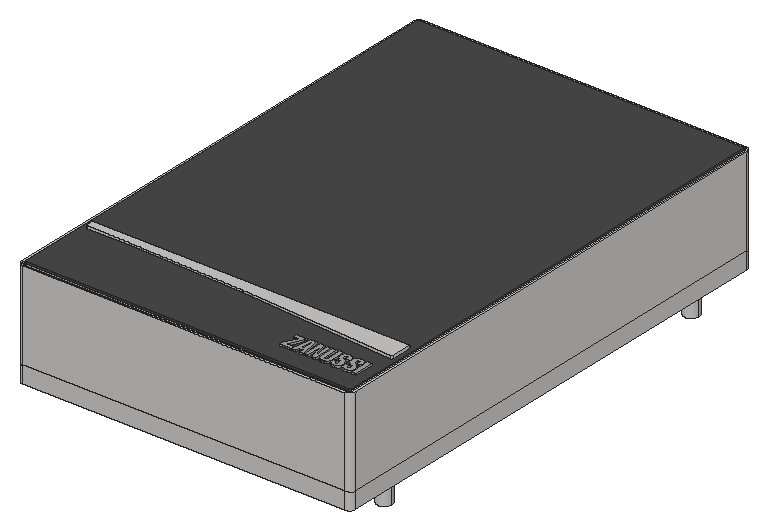
Revit family "QF_ZANUSSI_600895_Z1HDDEOMCT", category Specialty Equipment, Revit 2018
Family settings
  Round Connector Dimension = Use Diameter
  Part Type = Normal
  Work Plane-Based = No
  Always vertical = Yes
  Cut with Voids When Loaded = No
  Shared = No
  Room Calculation Point = No
Parameters (values of type "Standard")
  Watts = 0 W
  Volts = 380 V
  URL = "http://www.zanussiprofessional.com"
  Steam Supply Size = 0 mm
  Steam Supply Minimum Pressure = 0.0 Pa
  Steam Supply Maximum Pressure = 0.0 Pa
  Steam Pounds per Hour = 0
  Show Logo [instance] = yes
  Manufacturer = "Zanussi"
  Phase = 3
  Model = "Z1HDDEOMCT"
  Item Number = "600895"
  Hot Water Size = 0 mm
  HP = "6.7 HP"
  Gas Size = 0 mm
  Gas KW = 0
  Direct Waste Size = 0 mm
  Description = "PLUG-IN INDUCTION MONO ZONE COOK TOP - 3-PHASE"
  Cycle = 60 Hz
  Condensate Return Size = 0 mm
  Compressed Air Volume = 0.0 L/s
  Compressed Air Size = 0 mm
  Compressed Air Pressure = 0.0 Pa
  Cold Water Size = 0 mm
Types (2, lengths in mm): name | URL | Manufacturer | Phase | Model | Description
  (no name) | 0 | 0 | 0 | 0 | 0
  Standard | "http://www.zanussiprofessional.com" | "Zanussi" | 3 | "Z1HDDEOMCT" | "PLUG-IN INDUCTION MONO ZONE COOK TOP - 3-PHASE"
Values of the unnamed type that differ from the named types
  Volts = 0 V
  Item Number = ""
  Cycle = 0 Hz
Reference planes
  plane 1 "Centro (Fronte/Retro)": y = 74.737
  plane 2: z = 0
  plane 3: x = -514.269
  plane 4 "LEFT": x = -714.269
  plane 5 "RIGHT": x = -314.269
  plane 6 "BACK": y = 374.737
  plane 7 "FRONT": y = -225.263
  plane 8: x = -712.269
  plane 9: y = 372.737
  plane 10: x = -316.269
  plane 11: y = -223.263
  plane 12: y = -124.263
  plane 13: x = -698.269
  plane 14: x = -330.269
  plane 15: y = 304.737
  plane 16: y = -155.263
  plane 17: x = -539.269
  plane 18: y = -149.263
  plane 19: z = 764
Forms (mm)
  Extrusion 1, solid, material "QF_Finishes_Stainless Steel"
    sketch origin (0, 0, 789.016) x (1, 0, 0) y (0, 1, 0)
      loop
        arc (-707.269, 374.737) -> (-712.218, 372.687) -> (-714.269, 367.737) r 7
        line (-714.269, 367.737) -> (-714.269, -218.263)
        arc (-714.269, -218.263) -> (-712.218, -223.213) -> (-707.269, -225.263) r 7
        line (-707.269, -225.263) -> (-321.269, -225.263)
        arc (-321.269, -225.263) -> (-316.319, -223.213) -> (-314.269, -218.263) r 7
        line (-314.269, -218.263) -> (-314.269, 367.737)
        arc (-314.269, 367.737) -> (-316.319, 372.687) -> (-321.269, 374.737) r 7
        line (-321.269, 374.737) -> (-707.269, 374.737)
    from 0 to 20
  Extrusion 2, solid, material "QF_Finishes_Stainless Steel"
    sketch origin (0, 0, 789.016) x (1, 0, 0) y (0, 1, 0)
      loop
        line (-321.269, 374.737) -> (-707.269, 374.737)
        arc (-707.269, 374.737) -> (-712.218, 372.687) -> (-714.269, 367.737) r 7
        line (-714.269, 367.737) -> (-714.269, -218.263)
        arc (-714.269, -218.263) -> (-712.218, -223.213) -> (-707.269, -225.263) r 7
        line (-707.269, -225.263) -> (-321.269, -225.263)
        arc (-321.269, -225.263) -> (-316.319, -223.213) -> (-314.269, -218.263) r 7
        line (-314.269, -218.263) -> (-314.269, 367.737)
        arc (-314.269, 367.737) -> (-316.319, 372.687) -> (-321.269, 374.737) r 7
      loop
        arc (-707.269, 372.737) -> (-710.804, 371.273) -> (-712.269, 367.737) r 5
        line (-712.269, 367.737) -> (-712.269, -218.263)
        arc (-712.269, -218.263) -> (-710.804, -221.798) -> (-707.269, -223.263) r 5
        line (-707.269, -223.263) -> (-321.269, -223.263)
        arc (-321.269, -223.263) -> (-317.733, -221.798) -> (-316.269, -218.263) r 5
        line (-316.269, -218.263) -> (-316.269, 367.737)
        arc (-316.269, 367.737) -> (-317.733, 371.273) -> (-321.269, 372.737) r 5
        line (-321.269, 372.737) -> (-707.269, 372.737)
    from 20 to 126
  Extrusion 3, solid, material "QF_Finishes_Black"
    sketch origin (0, 0, 915.016) x (-1, 0, 0) y (0, -1, 0)
      loop
        arc (707.269, -369.737) -> (708.683, -369.151) -> (709.269, -367.737) r 2
        line (709.269, -367.737) -> (709.269, 218.263)
        arc (709.269, 218.263) -> (708.683, 219.677) -> (707.269, 220.263) r 2
        line (707.269, 220.263) -> (321.269, 220.263)
        arc (321.269, 220.263) -> (319.854, 219.677) -> (319.269, 218.263) r 2
        line (319.269, 218.263) -> (319.269, -367.737)
        arc (319.269, -367.737) -> (319.854, -369.151) -> (321.269, -369.737) r 2
        line (321.269, -369.737) -> (707.269, -369.737)
    from 0 to 2
  Extrusion 4, solid, material "QF_Finishes_Stainless Steel"
    sketch origin (0, 0, 141.016) x (-1, 0, 0) y (0, -1, 0)
      loop
        circle (698.269, -304.737) r 9
      loop
        circle (330.269, -304.737) r 9
      loop
        circle (698.269, 155.263) r 9
      loop
        circle (330.269, 155.263) r 9
    from 622.984 to 648
  Extrusion 5, solid, material "QF_Finishes_Stainless Steel"
    sketch origin (0, 0, 141.016) x (-1, 0, 0) y (0, -1, 0)
      loop
        circle (539.269, 149.263) r 10
    from 638.028 to 648
  Extrusion 6, solid, material "QF_Finishes_Stainless Steel"
    sketch origin (0, 0, 915.016) x (-1, 0, 0) y (0, -1, 0)
      loop
        arc (702.769, 124.263) -> (703.829, 124.702) -> (704.269, 125.763) r 1.5
        line (704.269, 125.763) -> (704.269, 132.763)
        arc (704.269, 132.763) -> (703.829, 133.824) -> (702.769, 134.263) r 1.5
        line (702.769, 134.263) -> (651.769, 134.263)
        arc (651.769, 134.263) -> (582.973, 135.513) -> (514.269, 139.263) r 1893.125
        arc (514.269, 139.263) -> (420.209, 148.26) -> (325.769, 151.263) r 1486.51
        arc (325.769, 151.263) -> (324.708, 150.824) -> (324.269, 149.763) r 1.5
        line (324.269, 149.763) -> (324.269, 125.763)
        arc (324.269, 125.763) -> (324.708, 124.702) -> (325.769, 124.263) r 1.5
        line (325.769, 124.263) -> (702.769, 124.263)
    from 2 to 5
Lines and regions (mm)
  Split face 1
    outline origin (0, 0, 917.016) x (-1, 0, 0) y (0, -1, 0)
      loop
        line (324.269, 124.263) -> (324.269, -364.737) -> (704.269, -364.737) -> (704.269, 124.263) -> (324.269, 124.263)
  Split face 2
    outline origin (0, 0, 917.016) x (-1, 0, 0) y (0, -1, 0)
      loop
        circle (514.269, -120.237) r 139
  symbolic lines
    curve 1: line (-321.269, 374.737, 126) -> (-707.269, 374.737, 126)
    curve 2: arc (-707.269, 374.737, 126) -> (-712.218, 372.687, 126) -> (-714.269, 367.737, 126) r 7
    curve 3: line (-714.269, 367.737, 126) -> (-714.269, -218.263, 126)
    curve 4: arc (-714.269, -218.263, 126) -> (-712.218, -223.213, 126) -> (-707.269, -225.263, 126) r 7
    curve 5: line (-707.269, -225.263, 126) -> (-321.269, -225.263, 126)
    curve 6: arc (-321.269, -225.263, 126) -> (-316.319, -223.213, 126) -> (-314.269, -218.263, 126) r 7
    curve 7: line (-314.269, -218.263, 126) -> (-314.269, 367.737, 126)
    curve 8: arc (-314.269, 367.737, 126) -> (-316.319, 372.687, 126) -> (-321.269, 374.737, 126) r 7
    curve 9: line (-707.269, 372.737, 126) -> (-321.269, 372.737, 126)
    curve 10: arc (-321.269, 372.737, 126) -> (-317.733, 371.273, 126) -> (-316.269, 367.737, 126) r 5
    curve 11: line (-316.269, 367.737, 126) -> (-316.269, -218.263, 126)
    curve 12: arc (-316.269, -218.263, 126) -> (-317.733, -221.798, 126) -> (-321.269, -223.263, 126) r 5
    curve 13: line (-321.269, -223.263, 126) -> (-707.269, -223.263, 126)
    curve 14: arc (-707.269, -223.263, 126) -> (-710.804, -221.798, 126) -> (-712.269, -218.263, 126) r 5
    curve 15: line (-712.269, -218.263, 126) -> (-712.269, 367.737, 126)
    curve 16: arc (-712.269, 367.737, 126) -> (-710.804, 371.273, 126) -> (-707.269, 372.737, 126) r 5
    curve 17: arc (-375.269, 120.237, 126) -> (-514.269, 259.237, 126) -> (-653.269, 120.237, 126) r 139
    curve 18: arc (-653.269, 120.237, 126) -> (-514.269, -18.763, 126) -> (-375.269, 120.237, 126) r 139
    curve 19: line (-324.269, -124.263, 126) -> (-704.269, -124.263, 126)
    curve 20: line (-704.269, 364.737, 126) -> (-704.269, -124.263, 126)
    curve 21: line (-324.269, -124.263, 126) -> (-324.269, 364.737, 126)
    curve 22: line (-324.269, 364.737, 126) -> (-704.269, 364.737, 126)
    curve 23: line (-319.269, -218.263, 126) -> (-319.269, 367.737, 126)
    curve 24: arc (-319.269, 367.737, 126) -> (-319.854, 369.151, 126) -> (-321.269, 369.737, 126) r 2
    curve 25: line (-321.269, 369.737, 126) -> (-707.269, 369.737, 126)
    curve 26: arc (-707.269, 369.737, 126) -> (-708.683, 369.151, 126) -> (-709.269, 367.737, 126) r 2
    curve 27: line (-709.269, 367.737, 126) -> (-709.269, -218.263, 126)
    curve 28: arc (-709.269, -218.263, 126) -> (-708.683, -219.677, 126) -> (-707.269, -220.263, 126) r 2
    curve 29: line (-707.269, -220.263, 126) -> (-321.269, -220.263, 126)
    curve 30: arc (-321.269, -220.263, 126) -> (-319.854, -219.677, 126) -> (-319.269, -218.263, 126) r 2
    curve 31: arc (-702.769, -124.263, 126) -> (-703.829, -124.702, 126) -> (-704.269, -125.763, 126) r 1.5
    curve 32: line (-704.269, -125.763, 126) -> (-704.269, -132.763, 126)
    curve 33: arc (-704.269, -132.763, 126) -> (-703.829, -133.824, 126) -> (-702.769, -134.263, 126) r 1.5
    curve 34: line (-702.769, -134.263, 126) -> (-651.769, -134.263, 126)
    curve 35: arc (-324.269, -125.763, 126) -> (-324.708, -124.702, 126) -> (-325.769, -124.263, 126) r 1.5
    curve 36: line (-324.269, -149.763, 126) -> (-324.269, -125.763, 126)
    curve 37: arc (-325.769, -151.263, 126) -> (-324.708, -150.824, 126) -> (-324.269, -149.763, 126) r 1.5
    curve 38: arc (-651.769, -134.263, 126) -> (-582.973, -135.513, 126) -> (-514.269, -139.263, 126) r 1893.125
    curve 39: arc (-514.269, -139.263, 126) -> (-420.209, -148.26, 126) -> (-325.769, -151.263, 126) r 1486.51
    curve 40: line (-415.208, -176.613, 126) -> (-422.226, -191.352, 126)
    curve 41: line (-422.226, -191.352, 126) -> (-422.226, -196.265, 126)
    curve 42: line (-422.226, -196.265, 126) -> (-409.452, -196.265, 126)
    curve 43: line (-409.452, -196.265, 126) -> (-409.452, -191.352, 126)
    curve 44: line (-409.452, -191.352, 126) -> (-416.821, -191.352, 126)
    curve 45: line (-416.821, -191.352, 126) -> (-409.452, -176.332, 126)
    curve 46: line (-409.452, -176.332, 126) -> (-409.452, -172.261, 126)
    curve 47: line (-409.452, -172.261, 126) -> (-421.665, -172.261, 126)
    curve 48: line (-421.665, -172.261, 126) -> (-421.665, -176.753, 126)
    curve 49: line (-421.665, -176.753, 126) -> (-415.208, -176.613, 126)
    curve 50: line (-404.82, -172.261, 126) -> (-409.172, -196.265, 126)
    curve 51: line (-409.172, -196.265, 126) -> (-404.118, -196.265, 126)
    curve 52: line (-404.118, -196.265, 126) -> (-403.416, -191.633, 126)
    curve 53: line (-403.416, -191.633, 126) -> (-399.346, -191.633, 126)
    curve 54: line (-399.346, -191.633, 126) -> (-398.644, -196.265, 126)
    curve 55: line (-398.644, -196.265, 126) -> (-393.59, -196.265, 126)
    curve 56: line (-393.59, -196.265, 126) -> (-398.082, -172.261, 126)
    curve 57: line (-398.082, -172.261, 126) -> (-404.82, -172.261, 126)
    curve 58: line (-401.451, -176.364, 126) -> (-400.047, -187.281, 126)
    curve 59: line (-400.047, -187.281, 126) -> (-402.855, -187.281, 126)
    curve 60: line (-402.855, -187.281, 126) -> (-401.451, -176.364, 126)
    curve 61: line (-393.309, -172.261, 126) -> (-393.309, -196.265, 126)
    curve 62: line (-393.309, -196.265, 126) -> (-388.958, -196.265, 126)
    curve 63: line (-388.958, -196.265, 126) -> (-388.958, -180.403, 126)
    curve 64: line (-388.958, -180.403, 126) -> (-384.887, -196.265, 126)
    curve 65: line (-384.887, -196.265, 126) -> (-379.553, -196.265, 126)
    curve 66: line (-379.553, -196.265, 126) -> (-379.553, -172.261, 126)
    curve 67: line (-379.553, -172.261, 126) -> (-384.045, -172.261, 126)
    curve 68: line (-384.045, -172.261, 126) -> (-384.045, -187.562, 126)
    curve 69: line (-384.045, -187.562, 126) -> (-388.116, -172.261, 126)
    curve 70: line (-388.116, -172.261, 126) -> (-393.309, -172.261, 126)
    curve 71: line (-378.43, -172.261, 126) -> (-378.43, -188.404, 126)
    curve 72: line (-378.43, -188.404, 126) -> (-378.149, -192.334, 126)
    curve 73: line (-378.149, -192.334, 126) -> (-377.728, -193.317, 126)
    curve 74: line (-377.728, -193.317, 126) -> (-376.745, -194.58, 126)
    curve 75: line (-376.745, -194.58, 126) -> (-375.763, -195.282, 126)
    curve 76: line (-375.763, -195.282, 126) -> (-373.797, -196.124, 126)
    curve 77: line (-373.797, -196.124, 126) -> (-372.815, -196.265, 126)
    curve 78: line (-372.815, -196.265, 126) -> (-370.569, -196.265, 126)
    curve 79: line (-370.569, -196.265, 126) -> (-369.446, -195.984, 126)
    curve 80: line (-369.446, -195.984, 126) -> (-367.761, -195.001, 126)
    curve 81: line (-367.761, -195.001, 126) -> (-365.796, -192.194, 126)
    curve 82: line (-365.796, -192.194, 126) -> (-365.656, -191.211, 126)
    curve 83: line (-365.656, -191.211, 126) -> (-365.656, -172.261, 126)
    curve 84: line (-365.656, -172.261, 126) -> (-370.569, -172.261, 126)
    curve 85: line (-370.569, -172.261, 126) -> (-370.569, -190.088, 126)
    curve 86: line (-370.569, -190.088, 126) -> (-371.13, -191.352, 126)
    curve 87: line (-371.13, -191.352, 126) -> (-372.675, -191.492, 126)
    curve 88: line (-372.675, -191.492, 126) -> (-373.517, -190.509, 126)
    curve 89: line (-373.517, -190.509, 126) -> (-373.517, -172.261, 126)
    curve 90: line (-373.517, -172.261, 126) -> (-378.43, -172.261, 126)
    curve 91: line (-353.163, -184.895, 126) -> (-358.778, -179.841, 126)
    curve 92: line (-358.778, -179.841, 126) -> (-359.479, -178.999, 126)
    curve 93: line (-359.479, -178.999, 126) -> (-359.76, -176.753, 126)
    curve 94: line (-359.76, -176.753, 126) -> (-358.076, -175.911, 126)
    curve 95: line (-358.076, -175.911, 126) -> (-356.672, -176.893, 126)
    curve 96: line (-356.672, -176.893, 126) -> (-356.532, -179.841, 126)
    curve 97: line (-356.532, -179.841, 126) -> (-351.899, -179.841, 126)
    curve 98: line (-351.899, -179.841, 126) -> (-352.18, -175.068, 126)
    curve 99: line (-352.18, -175.068, 126) -> (-355.128, -172.401, 126)
    curve 100: line (-355.128, -172.401, 126) -> (-363.269, -173.805, 126)
    curve 101: line (-363.269, -173.805, 126) -> (-364.252, -180.824, 126)
    curve 102: line (-364.252, -180.824, 126) -> (-362.006, -184.052, 126)
    curve 103: line (-362.006, -184.052, 126) -> (-359.62, -186.158, 126)
    curve 104: line (-359.62, -186.158, 126) -> (-356.672, -189.106, 126)
    curve 105: line (-356.672, -189.106, 126) -> (-357.233, -191.773, 126)
    curve 106: line (-357.233, -191.773, 126) -> (-359.058, -191.913, 126)
    curve 107: line (-359.058, -191.913, 126) -> (-360.041, -187.842, 126)
    curve 108: line (-360.041, -187.842, 126) -> (-364.954, -187.842, 126)
    curve 109: line (-364.954, -187.842, 126) -> (-363.55, -194.44, 126)
    curve 110: line (-363.55, -194.44, 126) -> (-357.374, -196.265, 126)
    curve 111: line (-357.374, -196.265, 126) -> (-351.759, -192.334, 126)
    curve 112: line (-351.759, -192.334, 126) -> (-353.163, -184.895, 126)
    curve 113: line (-339.266, -184.754, 126) -> (-345.161, -179.42, 126)
    curve 114: line (-345.161, -179.42, 126) -> (-345.863, -177.595, 126)
    curve 115: line (-345.863, -177.595, 126) -> (-345.302, -176.191, 126)
    curve 116: line (-345.302, -176.191, 126) -> (-344.038, -175.911, 126)
    curve 117: line (-344.038, -175.911, 126) -> (-342.635, -176.893, 126)
    curve 118: line (-342.635, -176.893, 126) -> (-342.494, -179.701, 126)
    curve 119: line (-342.494, -179.701, 126) -> (-337.722, -179.841, 126)
    curve 120: line (-337.722, -179.841, 126) -> (-338.283, -174.928, 126)
    curve 121: line (-338.283, -174.928, 126) -> (-345.723, -171.98, 126)
    curve 122: line (-345.723, -171.98, 126) -> (-350.215, -175.63, 126)
    curve 123: line (-350.215, -175.63, 126) -> (-348.951, -182.929, 126)
    curve 124: line (-348.951, -182.929, 126) -> (-343.758, -187.562, 126)
    curve 125: line (-343.758, -187.562, 126) -> (-342.635, -189.246, 126)
    curve 126: line (-342.635, -189.246, 126) -> (-343.056, -191.773, 126)
    curve 127: line (-343.056, -191.773, 126) -> (-344.46, -192.054, 126)
    curve 128: line (-344.46, -192.054, 126) -> (-346.003, -187.702, 126)
    curve 129: line (-346.003, -187.702, 126) -> (-350.917, -187.842, 126)
    curve 130: line (-350.917, -187.842, 126) -> (-349.092, -194.721, 126)
    curve 131: line (-349.092, -194.721, 126) -> (-341.091, -195.703, 126)
    curve 132: line (-341.091, -195.703, 126) -> (-338.002, -192.896, 126)
    curve 133: line (-338.002, -192.896, 126) -> (-339.266, -184.754, 126)
    curve 134: line (-331.966, -172.261, 126) -> (-336.879, -172.261, 126)
    curve 135: line (-336.879, -172.261, 126) -> (-336.879, -196.265, 126)
    curve 136: line (-336.879, -196.265, 126) -> (-331.966, -196.265, 126)
    curve 137: line (-331.966, -196.265, 126) -> (-331.966, -172.261, 126)
Dimensions and locks
  equal spacing: plane 4 "LEFT", plane 3, plane 5 "RIGHT"
  plane 4 "LEFT" to plane 5 "RIGHT" = 400 mm
  equal spacing: plane 6 "BACK", plane 1 "Centro (Fronte/Retro)", plane 7 "FRONT"
  plane 6 "BACK" to plane 7 "FRONT" = 600 mm
  locked: plane 4 "LEFT" to plane 13 at 16
  locked: plane 14 to plane 5 "RIGHT" at 16
  locked: plane 6 "BACK" to plane 15 at 70
  locked: plane 16 to plane 7 "FRONT" at 70
  locked: plane 17 to plane 5 "RIGHT" at 225
  locked: plane 18 to plane 7 "FRONT" at 76
  plane 19 to level = 764 mm
  aligned and locked: level to plane 2
Automatic sketch dimensions
  curve 2 to curve 16 = 0 mm  (x2)
  curve 2 to curve 26 = 0 mm  (x2)
  curve 4 to curve 14 = 0 mm  (x2)
  curve 4 to curve 28 = 0 mm  (x2)
  curve 6 to curve 12 = 0 mm  (x2)
  curve 6 to curve 30 = 0 mm  (x2)
  curve 8 to curve 10 = 0 mm  (x2)
  curve 8 to curve 24 = 0 mm  (x2)
  curve 10 to curve 24 = 0 mm  (x2)
  curve 12 to curve 30 = 0 mm  (x2)
  curve 14 to curve 28 = 0 mm  (x2)
  curve 16 to curve 26 = 0 mm  (x2)
  curve 17 to curve 18 = 0 mm  (x2)
  curve 7 to plane 5 "RIGHT" = 0 mm
  curve 11 to plane 10 = 0 mm
  curve 6 to plane 7 "FRONT" = 0 mm
  curve 8 to plane 6 "BACK" = 0 mm
  curve 19 to plane 12 = 0 mm
  curve 17 to plane 3 = 0 mm
  curve 39 to plane 3 = 0 mm
  curve 14 to plane 8 = 0 mm
  curve 10 to curve 23 = 3 mm
  curve 30 to curve 6 = 2 mm
  curve 23 to curve 25 = 2 mm
  curve 36 to plane 18 = 0.5 mm
  plane 14 to curve 36 = 6 mm
  curve 19 to curve 35 = 0 mm
  plane 14 to curve 39 = 4.5 mm
  curve 35 to curve 35 = 1.5 mm
  curve 134 to plane 14 = 1.698 mm
  curve 136 to curve 136 = 4.913 mm
  curve 120 to plane 14 = 7.453 mm
  curve 135 to curve 133 = 1.123 mm
  curve 134 to curve 120 = 1.404 mm
  curve 119 to curve 113 = 1.544 mm
  curve 132 to curve 131 = 3.088 mm
  curve 119 to curve 118 = 4.773 mm
  curve 118 to curve 118 = 0.141 mm
  curve 113 to curve 125 = 3.369 mm
  curve 125 to curve 126 = 0.421 mm
  curve 125 to curve 124 = 1.123 mm
  curve 117 to curve 117 = 1.404 mm
  curve 126 to curve 127 = 1.404 mm
  curve 118 to curve 114 = 2.667 mm
  curve 116 to curve 116 = 1.263 mm
  curve 115 to curve 121 = 0.421 mm
  curve 115 to curve 114 = 0.562 mm
  curve 124 to curve 129 = 2.246 mm
  curve 113 to curve 123 = 3.79 mm
  curve 127 to curve 131 = 4.632 mm
  curve 114 to curve 123 = 4.352 mm
  curve 128 to curve 130 = 4.913 mm
  curve 130 to curve 112 = 2.667 mm
  curve 123 to curve 98 = 2.948 mm
  curve 122 to curve 98 = 1.965 mm
  curve 129 to curve 91 = 2.246 mm
  curve 98 to curve 100 = 2.948 mm
  curve 97 to curve 97 = 4.632 mm
  curve 96 to curve 96 = 0.14 mm
  curve 91 to curve 104 = 3.509 mm
  curve 104 to curve 106 = 0.562 mm
  curve 105 to curve 111 = 0.14 mm
  curve 95 to curve 94 = 1.404 mm
  curve 96 to curve 92 = 2.246 mm
  curve 105 to curve 107 = 1.825 mm
  curve 91 to curve 93 = 0.702 mm
  curve 104 to curve 104 = 2.948 mm
  curve 94 to curve 94 = 1.684 mm
  curve 103 to curve 107 = 0.421 mm
  curve 103 to curve 103 = 2.386 mm
  curve 93 to curve 101 = 3.509 mm
  curve 106 to curve 110 = 4.492 mm
  curve 102 to curve 101 = 2.246 mm
  curve 102 to curve 108 = 2.948 mm
  curve 108 to curve 83 = 0.702 mm
  curve 82 to curve 81 = 0.14 mm
  curve 81 to curve 81 = 1.965 mm
  curve 80 to curve 80 = 1.685 mm
  curve 83 to curve 84 = 4.913 mm
  curve 79 to curve 79 = 1.123 mm
  curve 85 to curve 87 = 0.561 mm
  curve 86 to curve 88 = 1.544 mm
  curve 78 to curve 77 = 2.246 mm
  curve 84 to curve 89 = 2.948 mm
  curve 77 to curve 77 = 0.982 mm
  curve 76 to curve 75 = 1.965 mm
  curve 75 to curve 75 = 0.983 mm
  curve 74 to curve 73 = 0.983 mm
  curve 73 to curve 73 = 0.421 mm
  curve 72 to curve 71 = 0.281 mm
  curve 74 to curve 66 = 2.808 mm
  curve 71 to curve 68 = 5.615 mm
  plane 11 to curve 64 = 26.998 mm
  curve 65 to curve 64 = 5.334 mm
  curve 67 to curve 70 = 4.071 mm
  curve 64 to curve 62 = 4.071 mm
  curve 69 to curve 70 = 5.194 mm
  curve 61 to curve 55 = 0.281 mm
  curve 61 to curve 57 = 4.773 mm
  curve 55 to curve 55 = 5.053 mm
  curve 54 to curve 53 = 0.702 mm
  curve 58 to plane 16 = 32.018 mm
  curve 53 to curve 58 = 0.702 mm
  curve 60 to plane 16 = 21.101 mm
  curve 56 to curve 60 = 3.369 mm
  curve 58 to curve 59 = 2.807 mm
  curve 53 to curve 53 = 4.071 mm
  plane 11 to curve 52 = 26.998 mm
  curve 52 to curve 52 = 0.702 mm
  curve 58 to curve 57 = 3.369 mm
  curve 51 to curve 50 = 5.054 mm
  curve 50 to curve 42 = 0.281 mm
  curve 50 to curve 46 = 4.632 mm
  curve 40 to plane 16 = 21.35 mm
  curve 45 to curve 40 = 5.755 mm
  curve 43 to curve 44 = 7.368 mm
  curve 40 to curve 48 = 6.457 mm
  curve 44 to curve 42 = 5.406 mm
  curve 34 to plane 12 = 10 mm
  plane 13 to curve 34 = 46.5 mm
  curve 33 to plane 13 = 4.5 mm
  curve 31 to plane 12 = 1.5 mm
  curve 31 to plane 13 = 4.5 mm
  curve 31 to curve 20 = 1.5 mm
  curve 14 to curve 27 = 2 mm
  plane 8 to curve 9 = 5 mm
  plane 6 "BACK" to curve 39 = 960.51 mm
  curve 8 to curve 22 = 3 mm
  curve 18 to plane 1 "Centro (Fronte/Retro)" = 45.5 mm
  curve 121 to plane 16 = 16.717 mm
  curve 50 to curve 58 = 4.103 mm
  curve 48 to curve 40 = 4.352 mm
  curve 90 to plane 16 = 16.998 mm
  curve 89 to curve 84 = 0 mm
  curve 121 to curve 137 = 0.281 mm
  curve 56 to curve 70 = 0 mm
  curve 69 to curve 68 = 0 mm
  curve 121 to curve 99 = 0.421 mm
  curve 83 to curve 100 = 1.544 mm
  curve 134 to curve 120 = 2.667 mm
  curve 99 to curve 99 = 2.667 mm
  curve 98 to curve 123 = 0.561 mm
  curve 121 to curve 117 = 3.93 mm
  curve 99 to curve 94 = 3.509 mm
  curve 116 to curve 115 = 0.281 mm
  curve 46 to curve 45 = 4.071 mm
  curve 47 to curve 48 = 4.492 mm
  curve 94 to curve 93 = 0.842 mm
  curve 116 to curve 118 = 0.983 mm
  curve 94 to curve 96 = 0.983 mm
  curve 115 to curve 115 = 1.404 mm
  curve 93 to curve 92 = 2.246 mm
  curve 114 to curve 114 = 1.825 mm
  curve 113 to curve 118 = 0.281 mm
  curve 95 to curve 96 = 2.948 mm
  curve 118 to curve 119 = 0.14 mm
  curve 92 to curve 91 = 0.842 mm
  curve 69 to curve 63 = 8.142 mm
  curve 92 to curve 102 = 1.825 mm
  curve 97 to curve 124 = 3.088 mm
  curve 101 to curve 103 = 3.228 mm
  curve 119 to curve 113 = 4.913 mm
  curve 123 to curve 91 = 1.965 mm
  curve 102 to curve 103 = 2.106 mm
  curve 113 to curve 124 = 2.807 mm
  curve 63 to curve 68 = 7.159 mm
  curve 124 to curve 128 = 0.14 mm
  curve 102 to curve 109 = 3.79 mm
  curve 91 to curve 130 = 2.948 mm
  curve 68 to curve 72 = 0.842 mm
  curve 107 to curve 104 = 1.264 mm
  curve 124 to curve 125 = 1.685 mm
  curve 108 to curve 85 = 2.246 mm
  curve 85 to curve 89 = 0.421 mm
  curve 108 to curve 83 = 3.369 mm
  curve 44 to curve 50 = 4.913 mm
  curve 85 to curve 87 = 1.263 mm
  curve 40 to curve 44 = 0 mm
  curve 88 to curve 88 = 0.983 mm
  curve 58 to curve 53 = 4.352 mm
  curve 125 to curve 127 = 2.527 mm
  curve 104 to curve 106 = 2.667 mm
  curve 105 to curve 107 = 0.14 mm
  curve 126 to curve 127 = 0.281 mm
  curve 82 to curve 82 = 0.982 mm
  curve 71 to curve 72 = 3.93 mm
  curve 129 to curve 111 = 4.492 mm
  curve 126 to curve 132 = 1.123 mm
  curve 72 to curve 73 = 0.983 mm
  curve 81 to curve 110 = 2.246 mm
  curve 73 to curve 74 = 1.263 mm
  curve 111 to curve 130 = 2.386 mm
  curve 81 to curve 81 = 2.808 mm
  curve 74 to curve 76 = 0.702 mm
  curve 132 to curve 132 = 2.807 mm
  curve 80 to curve 80 = 0.983 mm
  curve 75 to curve 77 = 0.842 mm
  curve 53 to curve 54 = 4.632 mm
  curve 63 to curve 64 = 0 mm
  curve 105 to curve 110 = 4.492 mm
  curve 76 to curve 77 = 0.14 mm
  curve 132 to curve 135 = 3.369 mm
  curve 43 to curve 50 = 0 mm
  curve 38 to plane 7 "FRONT" = 1802.125 mm
  curve 18 to plane 14 = 45 mm
  Extrusion 1 sketch curve to plane 4 "LEFT" = 0 mm
  Extrusion 1 sketch curve to plane 7 "FRONT" = 0 mm
  Extrusion 1 sketch curve to plane 6 "BACK" = 0 mm
  Extrusion 1 sketch curve to plane 5 "RIGHT" = 0 mm
  plane 8 to Extrusion 1 sketch curve = 5 mm  (x2)
  Extrusion 1 sketch curve to plane 10 = 5 mm  (x2)
  Extrusion 2 sketch curve to Extrusion 2 sketch curve = 0 mm  (x8)
  Extrusion 2 sketch curve to plane 4 "LEFT" = 0 mm
  Extrusion 2 sketch curve to plane 8 = 0 mm
  Extrusion 2 sketch curve to plane 6 "BACK" = 0 mm
  Extrusion 2 sketch curve to plane 7 "FRONT" = 0 mm
  Extrusion 2 sketch curve to plane 10 = 0 mm
  Extrusion 2 sketch curve to Extrusion 2 sketch curve = 5 mm  (x2)
  Extrusion 2 sketch curve to plane 10 = 5 mm  (x2)
  Extrusion 3 sketch curve to plane 10 = 3 mm
  Extrusion 3 sketch curve to Extrusion 3 sketch curve = 2 mm  (x3)
  plane 8 to Extrusion 3 sketch curve = 5 mm  (x2)
  Extrusion 3 sketch curve to plane 9 = 3 mm
  plane 11 to Extrusion 3 sketch curve = 5 mm
  Split face 1 sketch curve to Extrusion 3 = 5 mm  (x3)
  Split face 1 sketch curve to Extrusion 3 = 96 mm
  Split face 2 sketch curve to Extrusion 3 = 195 mm
  Split face 2 sketch curve to Extrusion 3 = 249.5 mm
  Extrusion 4 sketch curve to plane 14 = 0 mm  (x2)
  Extrusion 4 sketch curve to plane 13 = 0 mm  (x2)
  Extrusion 4 sketch curve to plane 15 = 0 mm  (x2)
  Extrusion 4 sketch curve to plane 16 = 0 mm  (x2)
  Extrusion 5 sketch curve to plane 17 = 0 mm
  Extrusion 5 sketch curve to plane 18 = 0 mm
  Extrusion 6 sketch curve to plane 12 = 0 mm
  Extrusion 6 sketch curve to plane 3 = 0 mm
  plane 14 to Extrusion 6 sketch curve = 4.5 mm  (x2)
  Extrusion 6 sketch curve to plane 18 = 0.5 mm
  Extrusion 6 sketch curve to Extrusion 6 sketch curve = 1.5 mm  (x2)
  plane 13 to Extrusion 6 sketch curve = 46.5 mm
  Extrusion 6 sketch curve to plane 12 = 1.5 mm
  Extrusion 6 sketch curve to plane 13 = 4.5 mm
  plane 6 "BACK" to Extrusion 6 sketch curve = 960.51 mm
  Extrusion 6 sketch curve to Extrusion 6 sketch curve = 7 mm
  Extrusion 6 sketch curve to plane 7 "FRONT" = 1802.125 mm
  radius of Split face 2 sketch curve = 139 mm
  radius of Extrusion 4 sketch curve = 9 mm  (x4)
  radius of Extrusion 5 sketch curve = 10 mm
Nested families
  nested 1: "ZAN_Logo_S_Grey" at (-377.096, -184.263, 917.016), visible <- "Show Logo", type "ZAN_Logo_S_Grey"
Connectors
  electrical at (-539.269, -149.263, 779.044)
    settings: on Extrusion 5, index 2, voltage 0 V, apparent load 0 VA, apparent load phase1 0 VA, apparent load phase2 0 VA, apparent load phase3 0 VA, power factor 1, load classification "Altro", number of poles 1, system type 30, power factor state 1, is connector primary yes, connector utility no, sub classification motor no, connector description ""
Definition of nested family "ZAN_Logo_S_Grey"
  Parameters (values of type "ZAN_Logo_S_Grey")
    Default Elevation = 0 mm
  Reference planes
    plane 1 "Centro (Fronte/Retro)": y = 0
    plane 2: z = 0
    plane 3 "Centro (Sinistra/Destra)": x = 0
  Forms (mm)
    Extrusion 1, solid
      sketch origin (0, 0, 0) x (1, 0, 0) y (0, 1, 0)
        loop
          line (-1219.2, 1219.2) -> (-1219.2, -1219.2) -> (1219.2, -1219.2) -> (1219.2, 1219.2) -> (-1219.2, 1219.2)
      from 0 to -304.8
    Extrusion 2, solid
      sketch origin (17.793, -46.218, 0) x (-1, 0, 0) y (0, -1, 0)
        loop
          spline (-4.176, -58.079) -> (-3.496, -58.328) -> (-2.793, -58.512) -> (-2.075, -58.63) -> (-1.348, -58.682) -> (-0.619, -58.669) -> (0.106, -58.588) -> (0.818, -58.44) -> (1.512, -58.225) -> (2.18, -57.941) -> (2.817, -57.589) -> (3.414, -57.167) -> (3.966, -56.676)
          spline (3.966, -56.676) -> (4.293, -56.162) -> (4.575, -55.61) -> (4.81, -55.026) -> (5, -54.419) -> (5.146, -53.797) -> (5.247, -53.166) -> (5.304, -52.536) -> (5.318, -51.913) -> (5.288, -51.306) -> (5.217, -50.723) -> (5.103, -50.17) -> (4.949, -49.657)
          line (4.949, -49.657) -> (2.702, -46.428) -> (0.316, -44.323)
          spline (0.316, -44.323) -> (0.065, -44.115) -> (-0.195, -43.909) -> (-0.46, -43.704) -> (-0.729, -43.496) -> (-0.997, -43.282) -> (-1.263, -43.059) -> (-1.523, -42.825) -> (-1.774, -42.576) -> (-2.013, -42.309) -> (-2.238, -42.022) -> (-2.445, -41.712) -> (-2.632, -41.375)
          spline (-2.632, -41.375) -> (-2.666, -41.159) -> (-2.697, -40.934) -> (-2.722, -40.701) -> (-2.736, -40.465) -> (-2.736, -40.227) -> (-2.72, -39.989) -> (-2.682, -39.754) -> (-2.621, -39.524) -> (-2.533, -39.302) -> (-2.414, -39.091) -> (-2.261, -38.892) -> (-2.07, -38.708)
          line (-2.07, -38.708) -> (-0.245, -38.567)
          spline (-0.245, -38.567) -> (0.096, -38.8) -> (0.354, -39.074) -> (0.54, -39.381) -> (0.664, -39.716) -> (0.738, -40.073) -> (0.772, -40.445) -> (0.777, -40.825) -> (0.763, -41.208) -> (0.742, -41.588) -> (0.723, -41.957) -> (0.718, -42.309) -> (0.737, -42.638)
          line (0.737, -42.638) -> (5.65, -42.638)
          spline (5.65, -42.638) -> (5.708, -42.042) -> (5.741, -41.448) -> (5.747, -40.857) -> (5.723, -40.273) -> (5.668, -39.696) -> (5.58, -39.129) -> (5.457, -38.574) -> (5.297, -38.032) -> (5.098, -37.506) -> (4.857, -36.997) -> (4.574, -36.508) -> (4.247, -36.041)
          spline (4.247, -36.041) -> (3.844, -35.675) -> (3.409, -35.35) -> (2.946, -35.065) -> (2.458, -34.819) -> (1.949, -34.612) -> (1.421, -34.444) -> (0.88, -34.314) -> (0.326, -34.221) -> (-0.234, -34.165) -> (-0.8, -34.146) -> (-1.366, -34.163) -> (-1.93, -34.216)
          spline (-1.93, -34.216) -> (-2.526, -34.309) -> (-3.116, -34.448) -> (-3.695, -34.633) -> (-4.259, -34.861) -> (-4.801, -35.131) -> (-5.316, -35.444) -> (-5.799, -35.798) -> (-6.245, -36.191) -> (-6.648, -36.624) -> (-7.002, -37.095) -> (-7.303, -37.603) -> (-7.545, -38.146)
          spline (-7.545, -38.146) -> (-7.694, -38.815) -> (-7.792, -39.487) -> (-7.839, -40.158) -> (-7.836, -40.824) -> (-7.785, -41.482) -> (-7.685, -42.129) -> (-7.539, -42.762) -> (-7.347, -43.377) -> (-7.111, -43.97) -> (-6.83, -44.538) -> (-6.506, -45.078) -> (-6.141, -45.586)
          line (-6.141, -45.586) -> (-0.526, -50.64) -> (0.176, -51.482)
          spline (0.176, -51.482) -> (0.248, -51.66) -> (0.323, -51.843) -> (0.397, -52.03) -> (0.467, -52.22) -> (0.529, -52.412) -> (0.579, -52.605) -> (0.615, -52.798) -> (0.633, -52.989) -> (0.63, -53.179) -> (0.601, -53.366) -> (0.545, -53.55) -> (0.456, -53.728)
          spline (0.456, -53.728) -> (0.375, -53.892) -> (0.273, -54.034) -> (0.154, -54.155) -> (0.02, -54.258) -> (-0.126, -54.343) -> (-0.28, -54.412) -> (-0.441, -54.466) -> (-0.604, -54.508) -> (-0.767, -54.537) -> (-0.928, -54.556) -> (-1.082, -54.567) -> (-1.228, -54.57)
          line (-1.228, -54.57) -> (-2.632, -53.587) -> (-2.772, -50.64) -> (-7.405, -50.64)
          spline (-7.405, -50.64) -> (-7.41, -51.031) -> (-7.423, -51.432) -> (-7.44, -51.839) -> (-7.456, -52.251) -> (-7.469, -52.665) -> (-7.475, -53.079) -> (-7.468, -53.489) -> (-7.446, -53.894) -> (-7.404, -54.291) -> (-7.339, -54.679) -> (-7.247, -55.053) -> (-7.123, -55.412)
          spline (-7.123, -55.412) -> (-6.999, -55.693) -> (-6.837, -55.97) -> (-6.643, -56.244) -> (-6.422, -56.509) -> (-6.177, -56.765) -> (-5.913, -57.009) -> (-5.634, -57.238) -> (-5.346, -57.45) -> (-5.051, -57.643) -> (-4.755, -57.814) -> (-4.462, -57.96) -> (-4.176, -58.079)
        loop
          spline (-21.021, -55.552) -> (-20.633, -56.181) -> (-20.177, -56.736) -> (-19.661, -57.217) -> (-19.092, -57.627) -> (-18.478, -57.966) -> (-17.827, -58.237) -> (-17.147, -58.441) -> (-16.446, -58.578) -> (-15.73, -58.652) -> (-15.009, -58.662) -> (-14.29, -58.611) -> (-13.581, -58.5)
          spline (-13.581, -58.5) -> (-13.088, -58.407) -> (-12.595, -58.269) -> (-12.109, -58.088) -> (-11.636, -57.866) -> (-11.183, -57.605) -> (-10.756, -57.307) -> (-10.361, -56.974) -> (-10.004, -56.608) -> (-9.692, -56.211) -> (-9.431, -55.784) -> (-9.228, -55.33) -> (-9.089, -54.851)
          spline (-9.089, -54.851) -> (-8.873, -54.211) -> (-8.715, -53.559) -> (-8.615, -52.901) -> (-8.574, -52.241) -> (-8.592, -51.585) -> (-8.668, -50.938) -> (-8.802, -50.306) -> (-8.995, -49.693) -> (-9.247, -49.106) -> (-9.557, -48.55) -> (-9.925, -48.03) -> (-10.352, -47.551)
          line (-10.352, -47.551) -> (-15.546, -42.919) -> (-16.669, -41.234)
          spline (-16.669, -41.234) -> (-16.704, -41.021) -> (-16.735, -40.804) -> (-16.761, -40.583) -> (-16.778, -40.361) -> (-16.784, -40.139) -> (-16.774, -39.919) -> (-16.748, -39.701) -> (-16.7, -39.488) -> (-16.63, -39.28) -> (-16.533, -39.08) -> (-16.406, -38.889) -> (-16.248, -38.708)
          line (-16.248, -38.708) -> (-14.844, -38.427)
          spline (-14.844, -38.427) -> (-14.347, -38.545) -> (-13.969, -38.749) -> (-13.695, -39.028) -> (-13.508, -39.368) -> (-13.393, -39.757) -> (-13.335, -40.182) -> (-13.318, -40.63) -> (-13.326, -41.089) -> (-13.344, -41.546) -> (-13.356, -41.988) -> (-13.347, -42.403) -> (-13.3, -42.779)
          line (-13.3, -42.779) -> (-8.387, -42.638)
          spline (-8.387, -42.638) -> (-8.326, -42.034) -> (-8.288, -41.417) -> (-8.277, -40.794) -> (-8.299, -40.169) -> (-8.357, -39.548) -> (-8.457, -38.936) -> (-8.604, -38.339) -> (-8.803, -37.762) -> (-9.058, -37.21) -> (-9.375, -36.689) -> (-9.758, -36.204) -> (-10.212, -35.76)
          spline (-10.212, -35.76) -> (-10.793, -35.336) -> (-11.409, -34.976) -> (-12.054, -34.679) -> (-12.723, -34.445) -> (-13.409, -34.273) -> (-14.107, -34.163) -> (-14.811, -34.115) -> (-15.515, -34.127) -> (-16.213, -34.2) -> (-16.899, -34.333) -> (-17.568, -34.526) -> (-18.213, -34.777)
          spline (-18.213, -34.777) -> (-18.496, -34.897) -> (-18.783, -35.044) -> (-19.071, -35.216) -> (-19.357, -35.412) -> (-19.639, -35.629) -> (-19.915, -35.865) -> (-20.182, -36.119) -> (-20.438, -36.389) -> (-20.681, -36.672) -> (-20.907, -36.967) -> (-21.115, -37.272) -> (-21.301, -37.585)
          spline (-21.301, -37.585) -> (-21.55, -38.26) -> (-21.734, -38.948) -> (-21.854, -39.647) -> (-21.91, -40.351) -> (-21.901, -41.057) -> (-21.828, -41.761) -> (-21.69, -42.459) -> (-21.489, -43.148) -> (-21.222, -43.823) -> (-20.892, -44.48) -> (-20.497, -45.116) -> (-20.038, -45.726)
          line (-20.038, -45.726) -> (-14.142, -51.061) -> (-13.44, -52.886) -> (-14.002, -54.289) -> (-15.265, -54.57) -> (-16.669, -53.587) -> (-16.81, -50.78) -> (-21.582, -50.64)
          spline (-21.582, -50.64) -> (-21.558, -51.063) -> (-21.55, -51.491) -> (-21.554, -51.92) -> (-21.561, -52.35) -> (-21.567, -52.778) -> (-21.565, -53.201) -> (-21.547, -53.619) -> (-21.509, -54.029) -> (-21.444, -54.43) -> (-21.345, -54.818) -> (-21.206, -55.193) -> (-21.021, -55.552)
        loop
          line (-22.424, -34.216) -> (-27.337, -34.216) -> (-27.337, -58.22) -> (-22.424, -58.22) -> (-22.424, -34.216)
        loop
          line (14.213, -39.971) -> (14.213, -58.22) -> (19.126, -58.22) -> (19.126, -42.077) -> (18.845, -38.146) -> (18.424, -37.164) -> (17.442, -35.9) -> (16.459, -35.199) -> (14.494, -34.356) -> (13.511, -34.216) -> (11.265, -34.216) -> (10.142, -34.497) -> (8.458, -35.479) -> (6.493, -38.287) -> (6.352, -39.269) -> (6.352, -58.22) -> (11.265, -58.22) -> (11.265, -40.392) -> (11.827, -39.129) -> (13.371, -38.988) -> (14.213, -39.971)
        loop
          line (20.249, -58.22) -> (24.741, -58.22) -> (24.741, -42.919) -> (28.812, -58.22) -> (34.006, -58.22) -> (34.006, -34.216) -> (29.654, -34.216) -> (29.654, -50.078) -> (25.583, -34.216) -> (20.249, -34.216) -> (20.249, -58.22)
        loop
          line (50.149, -58.22) -> (62.361, -58.22) -> (62.361, -53.728) -> (55.904, -53.868) -> (62.923, -39.129) -> (62.923, -34.216) -> (50.149, -34.216) -> (50.149, -39.129) -> (57.517, -39.129) -> (50.149, -54.149) -> (50.149, -58.22)
        loop
          line (38.778, -58.22) -> (45.516, -58.22) -> (49.868, -34.216) -> (44.814, -34.216) -> (44.113, -38.848) -> (40.042, -38.848) -> (39.34, -34.216) -> (34.286, -34.216) -> (38.778, -58.22)
        loop
          line (43.551, -43.2) -> (40.744, -43.2) -> (42.147, -54.117) -> (43.551, -43.2)
      from 0 to 1.644
  Dimensions and locks
    aligned and locked: plane 2 to Extrusion 1
    aligned and locked: level to Extrusion 1
